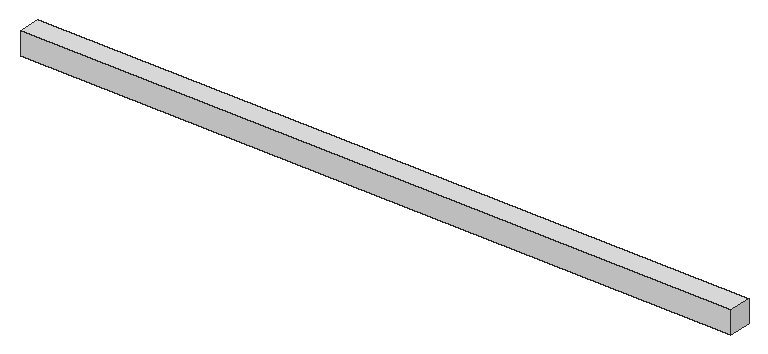
Revit family "13-MOULDING-CADS-142-PCBBALUSTER-4-REVIT_Versatex-Generic-Model-BALUSTER", category Generic Models, host Face, Revit 2026
Family settings
  Host = Face
  Can host rebar = No
  Round Connector Dimension = Use Diameter
  Part Type = Normal
  Cut with Voids When Loaded = No
  Maintain Annotation Orientation = No
  Shared = No
  Room Calculation Point = No
Parameters
  Model = "PCBBALUSTER"
  Length = 4' - 0"
  Warranty = "https://versatex.com/warranty/"
  URL = "https://versatex.com/"
  Specification = "https://www.arcat.com/company/versatex-45716/spec?coid=45716"
  Sales Information = "https://versatex.com/dealer-locator/"
  Message Manufacturer = "https://versatex.com/contact/"
  Material = Versatex PVC - Smooth
  Manufacturer Website = "https://versatex.com/"
  Manufacturer Phone = "724-857-1111"
  Manufacturer Fax = "724-857-1171"
  Manufacturer Address = "400 Steel Street, Aliquippa, PA 15001"
  Manufacturer = "Versatex"
  Literature = "https://versatex.com/literature/?_sft_literature_category=cads"
  Description = "BALUSTER"
  Default Elevation = 4' - 0"
  Copyright = "© 2024 VERSATEX Building Products, LLC"
Reference planes (in)
  plane 1 "Center (Front/Back)": y = 0
  plane 2: z = 0
  plane 3 "Center (Left/Right)": x = 0
  plane 4: x = 24
  plane 5: x = -24
Forms (in)
  Sweep 1, solid, material "Versatex PVC - Smooth" <- "Material"
    path origin (0, 0, 0) x (1, 0, 0) y (0, 1, 0)
      loop
        line (-24, 0) -> (24, 0)
    profile "Versatex_Profile_BALUSTER : Versatex_Profile_BALUSTER" origin (0, 0, 0) x (0, 1, 0) y (0, 0, 1)
      loop
        line (0, 0) -> (1.5, 0) -> (1.5, 1.5) -> (0, 1.5) -> (0, 0)
Dimensions and locks (in)
  "Length": plane 5 to plane 4
  equal spacing: plane 5, plane 3 "Center (Left/Right)", plane 4, locked at 24 each
  aligned and locked: plane 2 to host face
  aligned and locked: level to host face
Automatic sketch dimensions
  host sketch curve to host sketch curve = 8' - 0"  (x2)
  plane 1 "Center (Front/Back)" to Sweep 1 sketch curve = 0' - 0"
  Sweep 1 sketch curve to plane 5 = 0' - 0"
  Sweep 1 sketch curve to plane 4 = 0' - 0"
